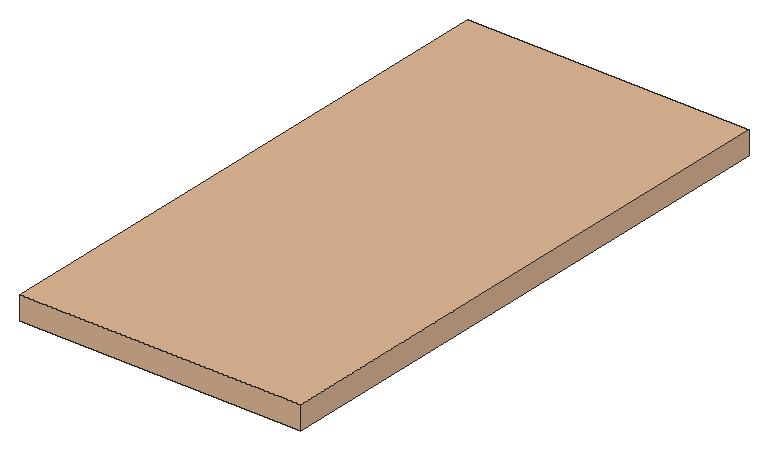
Revit family "Cambio Wall Systems - Decorative - Wood 18x36", category Generic Models, host Face, Revit 2023
Family settings
  Host = Face
  Can host rebar = No
  Round Connector Dimension = Use Diameter
  Part Type = Normal
  Cut with Voids When Loaded = No
  Maintain Annotation Orientation = No
  Shared = No
  Room Calculation Point = No
Parameters (values of type "Wood Slatted - D3")
  Default Elevation = 4' - 0"
  Cambio Material = Cambio Wood Slatted - D3
Types (6): name | Cambio Material
  Wood Veneer - MAPLE | Cambio Wood Veneer - Maple
  Wood Veneer - OAK | Cambio Wood Veneer - Oak
  Wood Veneer - WALNUT | Cambio Wood Veneer - Walnut
  Wood Slatted - D3 | Cambio Wood Slatted - D3
  Wood Slatted - OAK | Cambio Wood Slatted - Oak
  Wood Slatted - WALNUT | Cambio Wood Slatted - Walnut
Reference planes (in)
  plane 1 "Center (Front/Back)": y = 0
  plane 2: z = 0
  plane 3 "Center (Left/Right)": x = 0
  plane 4: z = 0.75
Forms (in)
  Extrusion 1, solid, material "Cambio Wood Slatted - D3" <- "Cambio Material"
    sketch origin (0, 0, 1.5) x (0, -1, 0) y (1, 0, 0)
      loop
        line (-18, -9) -> (18, -9) -> (18, 9) -> (-18, 9) -> (-18, -9)
    from -1.5 to 0
Dimensions and locks (in)
  Extrusion 1 sketch curve to plane 3 "Center (Left/Right)" to Extrusion 1 sketch curve = 0' - 9" locked, 0' - 9" locked
  Extrusion 1 sketch curve to plane 1 "Center (Front/Back)" to Extrusion 1 sketch curve = 1' - 6" locked, 1' - 6" locked
  aligned and locked: plane 2 to host face
  aligned and locked: level to host face
